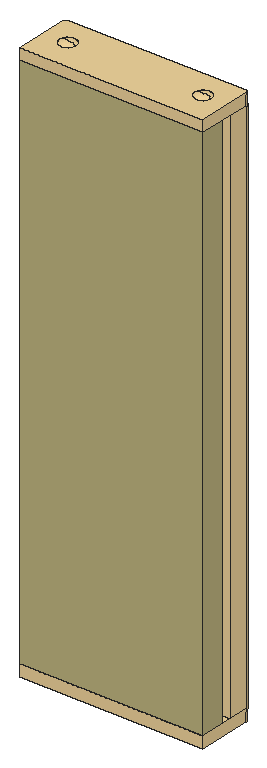
Revit family "JC KONTAKTER JCK119 Armbågskontakt", category Specialty Equipment, host Wall, Revit 2025
Family settings
  Host = Wall
  Round Connector Dimension = Use Diameter
  Part Type = Normal
  Enable Cutting in Views = Yes
  Always vertical = Yes
  Cut with Voids When Loaded = No
  Maintain Annotation Orientation = No
  Shared = No
  Room Calculation Point = No
Parameters (values of type "Armbågskontakt JCK119")
  Screw Finish = Mässing
  Core Finish = Aluminum ENAW 6060 (guldeoxerad)
  URL = "https://jckontakter.se/produkt/armbagskontakter-metall/armbagskontakt-massing/"
  Tillverkarens land = "Sverige"
  Tillvalsförteckning = "https://jckontakter.se/wp-content/uploads/sites/2/Tillval_metall_2024.pdf"
  Teknisk produktblad = "https://jckontakter.se/wp-content/uploads/2020/11/JCK119.pdf"
  Produktvikt = "0.579 kg"
  Placering information = "https://jckontakter.se/start/nyheter-och-information/armbagskontakter-placering-riktlinjer/"
  Nominell märkström = "12 V - Resistive 6A Inductive L/R 5ms 6A, 24 V - Resistive 6A Inductive L/R 5ms 5A"
  Model = "JCK119"  # constant formula
  Microbrytare = "Standard NO IP67"
  Manufacturer = "JC Kontakter"  # constant formula
  Längsta märkström = "1mA/4 V DC"
  Lid Finish = Mässing
  Keynote = ""
  End Cap Finish = Mässing
  Description = "JCK119 är en tålig armbågskontakt med plan tryckplatta och endcap i mässing, samt underdel i guldeloxerad aluminium. Modellen är utvecklad för att användas i exklusiva miljöer och i äldre, k-märkta byggnader. JCK119 går bra att beställa med radiostyrning då det ofta är svårt att komma fram med kablage i äldre byggnader."  # constant formula
  Default Elevation = 0 mm
  CE Dokument = "https://jckontakter.se/wp-content/uploads/CE_Dokument.pdf"
  Assembly Code = ""
  Antal mikrobrytare = 1
Reference planes
  plane 1 "Wall": y = 0
  plane 2 "Center (Left/Right)": x = 125
  plane 3 "Back": y = 75
  plane 4 "A": z = 800
Lines and regions (mm)
  Masking region 1
    outline origin (0, 0, -100) x (1, 0, 0) y (0, 0, 1)
      loop
        line (175, 1145) -> (75, 1145) -> (75, 900) -> (175, 900) -> (175, 1145)
  symbolic lines
    curve 1: line (75, 125, 0) -> (175, 125, 0)
    curve 2: line (75, 75, 0) -> (75, 125, 0)
    curve 3: line (175, 75, 0) -> (75, 75, 0)
    curve 4: line (175, 125, 0) -> (175, 75, 0)
    curve 5: line (175, 0, 1045) -> (75, 0, 1045)
    curve 6: line (175, 0, 800) -> (175, 0, 1045)
    curve 7: line (75, 0, 800) -> (175, 0, 800)
    curve 8: line (75, 0, 1045) -> (75, 0, 800)
Text (mm)
  text "Placement Side" at (-1848.837, 1116.779, 0), in view "Ref. Level"
  text "Placement side" at (0, 1409.804, 2854.306), in view "Left"
  text "Placement side" at (0, 499.811, 2980.732), in view "Right"
Dimensions and locks
  locked: plane 3 "Back" to host wall
  locked: curve 3 to curve 1 at 50
  aligned and locked: plane 1 "Wall" to host wall
  aligned and locked: nested 1 to plane 3 "Back"
  aligned and locked: curve 3 to plane 3 "Back"
  aligned and locked: plane 4 "A" to curve 7
  aligned and locked: curve 6 to Masking region 1
  aligned and locked: Masking region 1 to curve 8
Nested families
  nested 1: "AK_119" at (125, 75, 800) x (-1, 0, 0) z (0, 0, 1), type "AK_119", detail levels medium+fine
Definition of nested family "AK_119"
  Parameters (values of type "AK_119")
    Screw Finish = none
    Core Finish = none
    URL = "https://jckontakter.se/produkt/armbagskontakter-metall/armbagskontakt-massing/"
    Model = "JCK119"  # constant formula
    Manufacturer = "JC Kontakter"  # constant formula
    Lid Finish = none
    End Cap Finish = none
    Description = "JCK119 är en tålig armbågskontakt med plan tryckplatta och endcap i mässing, samt underdel i guldeloxerad aluminium. Modellen är utvecklad för att användas i exklusiva miljöer och i äldre, k-märkta byggnader. JCK119 går bra att beställa med radiostyrning då det ofta är svårt att komma fram med kablage i äldre byggnader."  # constant formula
    Default Elevation = 0 mm
  Types (2, lengths in mm): name | URL
    AK_119 | "https://jckontakter.se/produkt/armbagskontakter-metall/armbagskontakt-massing/"
    AK 207 | "https://jckontakter.se/produkt/armbagskontakter-metall/armbagskontakt-i-aluminium-jck207/"
  Reference planes
    plane 1 "Center (Front/Back)": y = 0
    plane 2: z = 0
    plane 3 "Center (Left/Right)": x = 0
    plane 4 "1": x = 40
    plane 5 "A": z = 5
    plane 6 "B": z = 241
    plane 7 "1A": y = -13
  Forms (mm)
    Extrusion 1, solid, material <- "Core Finish"
      sketch origin (40, 0, 5) x (1, 0, 0) y (0, 1, 0)
        loop
          line (-80, 0) -> (-80, -10) -> (-73.5, -10) -> (-73.5, -15.5) -> (-6.5, -15.5) -> (-6.5, -10) -> (0, -10) -> (0, 0) -> (-80, 0)
      from 0 to 236
    Extrusion 2, solid, material <- "Lid Finish"
      sketch origin (-40, 0, 5) x (-1, 0, 0) y (0, -1, 0)
        loop
          line (0, 15) -> (0, 24)
          arc (0, 24) -> (-0.293, 24.707) -> (-1, 25) r 1
          line (-1, 25) -> (-79, 25)
          arc (-79, 25) -> (-79.707, 24.707) -> (-80, 24) r 1
          line (-80, 24) -> (-80, 15) -> (0, 15)
      from 0 to 236
    Extrusion 3, solid, material <- "End Cap Finish"
      sketch origin (-40, 0, 0) x (1, 0, 0) y (0, 1, 0)
        loop
          arc (0, -23.5) -> (0.439, -24.561) -> (1.5, -25) r 1.5
          line (1.5, -25) -> (78.5, -25)
          arc (78.5, -25) -> (79.561, -24.561) -> (80, -23.5) r 1.5
          line (80, -23.5) -> (80, 0) -> (0, 0) -> (0, -23.5)
      from 0 to 5
    Extrusion 4, solid, material <- "End Cap Finish"
      sketch origin (0, 0, 241) x (-1, 0, 0) y (0, -1, 0)
        loop
          arc (40, 23.5) -> (39.561, 24.561) -> (38.5, 25) r 1.5
          line (38.5, 25) -> (-38.5, 25)
          arc (-38.5, 25) -> (-39.561, 24.561) -> (-40, 23.5) r 1.5
          line (-40, 23.5) -> (-40, 0) -> (40, 0) -> (40, 23.5)
      from 0 to 5
    Extrusion 5, void
      sketch origin (0, 0, 0) x (1, 0, 0) y (0, 1, 0)
        loop
          circle (-29.5, -13) r 3.5
        loop
          circle (29.5, -13) r 3.5
      from 0 to 1
    Revolve 6, solid, material <- "Screw Finish"
      sketch origin (0, -13, 0) x (-1, 0, 0) y (0, 0, 1)
        loop
          line (33, 0) -> (29.5, 0) -> (29.5, -0.928)
          arc (29.5, -0.928) -> (31.311, -0.692) -> (33, 0) r 7.062
        axis (29.5, -0.928) -> (29.5, 0.072)
      angle from 0 to 360
    Revolve 7, solid, material <- "Screw Finish"
      sketch origin (59, -13, 0) x (-1, 0, 0) y (0, 0, 1)
        loop
          line (33, 0) -> (29.5, 0) -> (29.5, -0.928)
          arc (29.5, -0.928) -> (31.311, -0.692) -> (33, 0) r 7.062
        axis (29.5, -0.928) -> (29.5, 0.072)
      angle from 0 to 360
    Extrusion 8, void
      sketch origin (0, 0, 241) x (-1, 0, 0) y (0, -1, 0)
        loop
          circle (29.5, 13) r 3.5
        loop
          circle (-29.5, 13) r 3.5
      from 4 to 5
    Revolve 9, solid, material <- "Screw Finish"
      sketch origin (0, -13, 0) x (-1, 0, 0) y (0, 0, 1)
        loop
          arc (33, 246) -> (31.311, 246.692) -> (29.5, 246.928) r 7.062
          line (29.5, 246.928) -> (29.5, 246) -> (33, 246)
        axis (29.5, 246) -> (29.5, 247)
      angle from 0 to 360
    Revolve 10, solid, material <- "Screw Finish"
      sketch origin (59, -13, 0) x (-1, 0, 0) y (0, 0, 1)
        loop
          arc (33, 246) -> (31.311, 246.692) -> (29.5, 246.928) r 7.062
          line (29.5, 246.928) -> (29.5, 246) -> (33, 246)
        axis (29.5, 246) -> (29.5, 247)
      angle from 0 to 360
  Cuts and joins
    Extrusion 5, Extrusion 8 cuts Extrusion 3
    Extrusion 8 cuts Revolve 6
    Extrusion 8 cuts Revolve 7
    Extrusion 8 cuts Extrusion 4
  Dimensions and locks
    aligned and locked: level to plane 2
